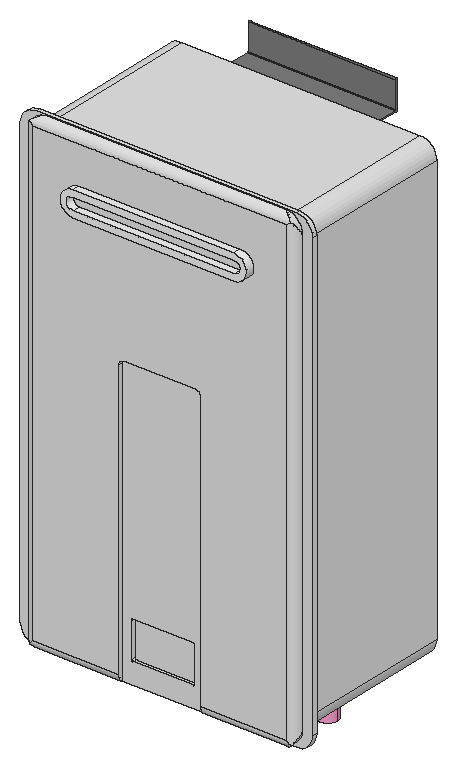
Revit family "HD28E", category Mechanical Equipment, Revit 2017
Family settings
  Round Connector Dimension = Use Diameter
  Part Type = Normal
  Work Plane-Based = No
  Always vertical = Yes
  Cut with Voids When Loaded = No
  Shared = No
  Room Calculation Point = No
Parameters
  Weight [instance] = 20.00 kg
  Mounting [instance] = External Only : External Only
  Max gas load [instance] = 210000000 J
  Max electric load [instance] = 104 W
  Link [instance] = "https://www.rinnai.com.au/commercial/"
  Hot water connections [instance] = "R 3/4"
  Gas connection [instance] = "R 3/4"
  Flow rate at 25°C rise [instance] = "28l/min"
  Electrical [instance] = "240 / 1 / 50"
  Cold water connection [instance] = "R 3/4"
Reference planes
  plane 1 "Center (Front/Back)": y = 0
  plane 2: z = 0
  plane 3 "Center (Left/Right)": x = 0
Forms (mm)
  Extrusion 1, solid, material "Casing"
    sketch origin (0, 0, 0) x (1, 0, 0) y (0, 0, 1)
      loop
        line (-165, -5) -> (165, -5) -> (165, 558) -> (-165, 558) -> (-165, -5)
    from 0 to 200
  Extrusion 2, void
    sketch origin (0, 0, 0) x (1, 0, 0) y (0, 0, 1)
      loop
        arc (-165, 538) -> (-159.142, 552.142) -> (-145, 558) r 20
        line (-145, 558) -> (-165, 558) -> (-165, 538)
      loop
        line (165, 538) -> (165, 558) -> (145, 558)
        arc (145, 558) -> (159.142, 552.142) -> (165, 538) r 20
      loop
        line (-165, 15) -> (-165, -5) -> (-145, -5)
        arc (-145, -5) -> (-159.142, 0.858) -> (-165, 15) r 20
      loop
        arc (165, 15) -> (159.142, 0.858) -> (145, -5) r 20
        line (145, -5) -> (165, -5) -> (165, 15)
    from 0 to 200
  Sweep 3, solid, material "Casing"
    path origin (-18.5, 0, 0) x (1, 0, 0) y (0, 1, 0)
      loop
        line (-160, -200) -> (-160, -205)
    profile origin (-178.5, -202.5, 0) x (1, 0, 0) y (0, 0, 1)
      loop
        arc (0, 5) -> (5.858, -9.142) -> (20, -15) r 20
        line (20, -15) -> (337, -15)
        arc (337, -15) -> (351.142, -9.142) -> (357, 5) r 20
        line (357, 5) -> (357, 548)
        arc (357, 548) -> (351.142, 562.142) -> (337, 568) r 20
        line (337, 568) -> (20, 568)
        arc (20, 568) -> (5.858, 562.142) -> (0, 548) r 20
        line (0, 548) -> (0, 5)
  Extrusion 4, solid, material "Casing"
    sketch origin (0, 0, 0) x (1, 0, 0) y (0, 0, 1)
      loop
        line (-165, 548) -> (-165, 5)
        arc (-165, 5) -> (-159.142, -9.142) -> (-145, -15) r 20
        line (-145, -15) -> (145, -15)
        arc (145, -15) -> (159.142, -9.142) -> (165, 5) r 20
        line (165, 5) -> (165, 548)
        arc (165, 548) -> (159.142, 562.142) -> (145, 568) r 20
        line (145, 568) -> (-145, 568)
        arc (-145, 568) -> (-159.142, 562.142) -> (-165, 548) r 20
    from 205 to 215
  Extrusion 5, void
    sketch origin (0, 0, 0) x (0, 1, 0) y (0, 0, 1)
      loop
        line (-205, 568) -> (-215, 568) -> (-215, 558)
        arc (-215, 558) -> (-212.071, 565.071) -> (-205, 568) r 10
      loop
        arc (-205, -15) -> (-212.071, -12.071) -> (-215, -5) r 10
        line (-215, -5) -> (-215, -15) -> (-205, -15)
    from -178.5 to 178.5
  Extrusion 6, void
    sketch origin (0, 0, 0) x (1, 0, 0) y (0, 1, 0)
      loop
        line (-165, -205) -> (-165, -215) -> (-155, -215)
        arc (-155, -215) -> (-162.071, -212.071) -> (-165, -205) r 10
      loop
        arc (165, -205) -> (162.071, -212.071) -> (155, -215) r 10
        line (155, -215) -> (165, -215) -> (165, -205)
    from -15 to 568
  Extrusion 7, solid, material "Aluminium"
    sketch origin (0, 0, 0) x (1, 0, 0) y (0, 0, 1)
      loop
        arc (-98.5, 504.5) -> (-106, 497) -> (-98.5, 489.5) r 7.5
        line (-98.5, 489.5) -> (98.5, 489.5)
        arc (98.5, 489.5) -> (106, 497) -> (98.5, 504.5) r 7.5
        line (98.5, 504.5) -> (-98.5, 504.5)
      loop
        arc (-98.5, 512) -> (-113.5, 497) -> (-98.5, 482) r 15
        line (-98.5, 482) -> (98.5, 482)
        arc (98.5, 482) -> (113.5, 497) -> (98.5, 512) r 15
        line (98.5, 512) -> (-98.5, 512)
    from 210 to 225
  Extrusion 8, solid, material "Default Floor"
    sketch origin (0, 0, 0) x (0, 1, 0) y (0, 0, 1)
      loop
        line (31.4, 586.6) -> (31.4, 553.8)
        arc (31.4, 553.8) -> (31.166, 553.234) -> (30.6, 553) r 0.8
        line (30.6, 553) -> (1.6, 553)
        arc (1.6, 553) -> (0.469, 552.531) -> (0, 551.4) r 1.6
        line (0, 551.4) -> (0, 533) -> (1.6, 533) -> (1.6, 550.6)
        arc (1.6, 550.6) -> (1.834, 551.166) -> (2.4, 551.4) r 0.8
        line (2.4, 551.4) -> (31.4, 551.4)
        arc (31.4, 551.4) -> (32.531, 551.869) -> (33, 553) r 1.6
        line (33, 553) -> (33, 586.6)
        arc (33, 586.6) -> (32.2, 587.4) -> (31.4, 586.6) r 0.8
      loop
        arc (31.4, -28.6) -> (32.2, -29.4) -> (33, -28.6) r 0.8
        line (33, -28.6) -> (33, 5)
        arc (33, 5) -> (32.531, 6.131) -> (31.4, 6.6) r 1.6
        line (31.4, 6.6) -> (2.4, 6.6)
        arc (2.4, 6.6) -> (1.834, 6.834) -> (1.6, 7.4) r 0.8
        line (1.6, 7.4) -> (1.6, 25) -> (0, 25) -> (0, 6.6)
        arc (0, 6.6) -> (0.469, 5.469) -> (1.6, 5) r 1.6
        line (1.6, 5) -> (30.6, 5)
        arc (30.6, 5) -> (31.166, 4.766) -> (31.4, 4.2) r 0.8
        line (31.4, 4.2) -> (31.4, -28.6)
    from -89.3 to 90.7
  Extrusion 9, void
    sketch origin (0, -210, 0) x (1, 0, 0) y (0, 0, 1)
      loop
        arc (-36.5, 59.001) -> (-37.914, 58.415) -> (-38.5, 57.001) r 2
        line (-38.5, 57.001) -> (-38.5, 14.001)
        arc (-38.5, 14.001) -> (-37.914, 12.587) -> (-36.5, 12.001) r 2
        line (-36.5, 12.001) -> (36.5, 12.001)
        arc (36.5, 12.001) -> (37.914, 12.587) -> (38.5, 14.001) r 2
        line (38.5, 14.001) -> (38.5, 57.001)
        arc (38.5, 57.001) -> (37.914, 58.415) -> (36.5, 59.001) r 2
        line (36.5, 59.001) -> (-36.5, 59.001)
    from -110.792 to 35.096
  Sweep 10, void
    path origin (0, 0, 0) x (1, 0, 0) y (0, 1, 0)
      loop
        line (0, -210) -> (0, -215)
    profile origin (0, -212.5, 0) x (1, 0, 0) y (0, 0, 1)
      loop
        arc (-50, -12.173) -> (-50.879, -14.294) -> (-53, -15.173) r 3
        line (-53, -15.173) -> (53, -15.173)
        arc (53, -15.173) -> (50.879, -14.294) -> (50, -12.173) r 3
        line (50, -12.173) -> (50, 334)
        arc (50, 334) -> (48.243, 338.243) -> (44, 340) r 6
        line (44, 340) -> (-44, 340)
        arc (-44, 340) -> (-48.243, 338.243) -> (-50, 334) r 6
        line (-50, 334) -> (-50, -12.173)
  Sweep 11, solid, material "CW"
    path origin (90, 0, 10) x (-1, 0, 0) y (0, 0, 1)
      loop
        line (-99.3, -15) -> (-99.3, -75)
    profile origin (189.3, 0, -35) x (0, -1, 0) y (1, 0, 0)
      loop
        circle (42, -216.3) r 12
  Sweep 12, solid, material "GAS"
    path origin (240, 0, 10) x (-1, 0, 0) y (0, 0, 1)
      loop
        line (-99.3, -15) -> (-99.3, -75)
    profile origin (339.3, 0, -35) x (0, -1, 0) y (1, 0, 0)
      loop
        circle (71, -250.3) r 12
  Sweep 13, solid, material "HW"
    path origin (5, 1, 10) x (-1, 0, 0) y (0, 0, 1)
      loop
        line (-99.3, -15) -> (-99.3, -75)
    profile origin (104.3, 1, -35) x (0, -1, 0) y (1, 0, 0)
      loop
        circle (63, -209.3) r 12
Cuts and joins
  Extrusion 2, Extrusion 9 cuts Extrusion 1
  Extrusion 5, Extrusion 6, Extrusion 9, Sweep 10 cuts Extrusion 4
  Extrusion 9 cuts Extrusion 8
Dimensions and locks
  aligned and locked: level to plane 2
